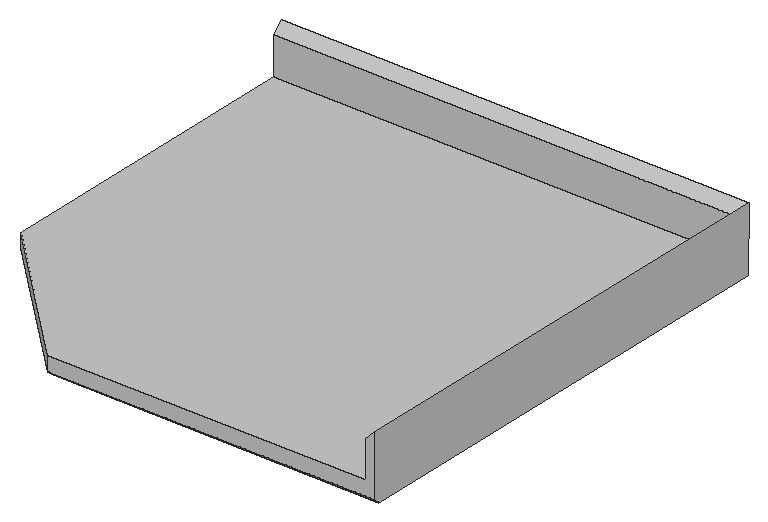
Revit family "QF_ELECTROLUXPROFESSIONAL_121800_TPLAA7A", category Attrezzature speciali, Revit 2020
Family settings
  Quota connettore circolare = Usa diametro
  Tipo di parte = Normale
  Basato su piano di lavoro = No
  Sempre verticale = Sì
  Taglio con vuoti quando caricato = No
  Condiviso = No
  Punto di calcolo locali = No
Parameters (values of type "Standard")
  Weight = 129.00 kg
  Watts = 0 W
  Volts = 0 V
  URL Manufacturer = "https://www.electroluxprofessional.com/"
  URL = "https://www.electroluxprofessional.com/"
  Steam Supply Size = 0 mm
  Steam Supply Minimum Pressure = 0.0 Pa
  Steam Supply Maximum Pressure = 0.0 Pa
  Steam Consumption per Hour = 0
  Refrigeration Suction Line Size = 0.0 mm
  Refrigeration Liquid Line Size = 0.0 mm
  Refrigerant Compressor Remote = yes
  Prospetto di default = 0.0 mm
  Phase = 0
  Modello = "TPLAA7A"
  Produttore = "Electrolux Professional"
  Length Actual = 1000.0 mm  # constant formula
  Item Number = "121800"
  Hot Water Size = 0 mm
  Height Actual = 140.0 mm  # constant formula
  HP = "0 HP"
  Gas Size = 0 mm
  Gas KW = 0
  Gas Input Pressure = 0 W
  Direct Waste Size = 0 mm
  Descrizione = "WORK TOP WITH UPSTAND CORNER TYPE"
  Depth Actual = 1000.0 mm  # constant formula
  Cycle = 0 Hz
  Condensate Return Size = 0 mm
  Compressed Air Volume = 0.0 L/s
  Compressed Air Size = 0 mm
  Compressed Air Pressure = 0.0 Pa
  Cold Water Size = 0 mm
  Accessory = yes
Reference planes
  plane 1 "Center (Front/Back)": y = 0
  plane 2: z = 0
  plane 3 "Center (Left/Right)": x = 0
  plane 4 "LEFT": x = -500
  plane 5 "RIGHT": x = 500
  plane 6 "BACK": y = 650
  plane 7 "FRONT": y = -350
  plane 8 "TOP": z = 1000
  plane 9: z = 900
  plane 10: z = 860
  plane 11: y = -50
  plane 12: x = -200
Forms (mm)
  Sweep 1, solid, material "QF_Finishes_Stainless Steel"
    path origin (0, 0, 1000) x (0, 1, 0) y (-1, 0, 0)
      loop
        line (650, 500) -> (650, -500) -> (-350, -500)
    profile origin (0, 650, 1000) x (0, 1, 0) y (0, 0, 1)
      loop
        line (-20, -20) -> (-20, -100) -> (0, -100) -> (0, 0) -> (-20, -20)
  Sweep 2, solid, material "QF_Finishes_Stainless Steel"
    path origin (0, 0, 1000) x (0, 1, 0) y (-1, 0, 0)
      loop
        line (-350, -500) -> (-350, 200) -> (-50, 500) -> (650, 500)
    profile origin (150, -350, 1000) x (0, -1, 0) y (0, 0, 1)
      loop
        line (-10, -140) -> (0, -130) -> (0, -100) -> (-10, -100) -> (-10, -140)
  Extrusion 3, solid, material "QF_Finishes_Stainless Steel"
    sketch origin (0, 0, 1000) x (0, 1, 0) y (-1, 0, 0)
      loop
        line (650, 490) -> (-45.858, 490) -> (-340, 195.858) -> (-340, -500) -> (650, -500) -> (650, 490)
    from -100 to -140
Cuts and joins
  joined: Sweep 1, Sweep 2, Extrusion 3
Lines and regions (mm)
  symbolic lines
    curve 1: line (500, 650, 1000) -> (-500, 650, 1000)
    curve 2: line (-500, 650, 1000) -> (-500, -50, 1000)
    curve 3: line (-200, -350, 1000) -> (500, -350, 1000)
    curve 4: line (500, -350, 1000) -> (500, 650, 1000)
    curve 5: line (-500, -50, 1000) -> (-200, -350, 1000)
    curve 6: line (480, 630, 1000) -> (480, -350, 1000)
    curve 7: line (-500, 630, 1000) -> (480, 630, 1000)
Dimensions and locks
  plane 4 "LEFT" to plane 5 "RIGHT" = 1000.0 mm
  equal spacing: plane 4 "LEFT", plane 3 "Center (Left/Right)", plane 5 "RIGHT"
  plane 6 "BACK" to plane 7 "FRONT" = 1000.0 mm
  plane 6 "BACK" to plane 1 "Center (Front/Back)" to plane 7 "FRONT" = 650.0 mm, 350.0 mm
  locked: plane 8 "TOP" to plane 9 at 100
  plane 10 to level = 860.0 mm
  plane 8 "TOP" to plane 10 = 140.0 mm
  plane 6 "BACK" to plane 11 = 700.0 mm
  plane 12 to plane 5 "RIGHT" = 700.0 mm
  aligned and locked: level to plane 2
  aligned and locked: curve 2 to plane 4 "LEFT"
Automatic sketch dimensions
  curve 3 to plane 7 "FRONT" = 0.0 mm
  curve 2 to plane 11 = 0.0 mm
  curve 4 to plane 6 "BACK" = 0.0 mm
  curve 3 to plane 12 = 0.0 mm
  curve 4 to plane 5 "RIGHT" = 0.0 mm
  Sweep 1 sketch curve to plane 7 "FRONT" = 0.0 mm
  Sweep 1 sketch curve to plane 5 "RIGHT" = 0.0 mm
  Sweep 1 sketch curve to plane 6 "BACK" = 0.0 mm
  Sweep 1 sketch curve to plane 4 "LEFT" = 0.0 mm
  Sweep 2 sketch curve to plane 7 "FRONT" = 0.0 mm
  Sweep 2 sketch curve to plane 4 "LEFT" = 0.0 mm
  Sweep 2 sketch curve to plane 11 = 0.0 mm
  Sweep 2 sketch curve to plane 6 "BACK" = 0.0 mm
  Sweep 2 sketch curve to plane 5 "RIGHT" = 0.0 mm
  Sweep 2 sketch curve to plane 12 = 0.0 mm
  Sweep 2 sketch curve to profile plane = 0.0 mm
  Sweep 2 sketch curve to plane 8 "TOP" = 130.0 mm
  Sweep 2 sketch curve to Sweep 2 sketch curve = 30.0 mm
  Sweep 2 sketch curve to Sweep 2 sketch curve = 10.0 mm  (x2)
  Sweep 1 sketch curve to plane 8 "TOP" = 0.0 mm
  Sweep 1 sketch curve to profile plane = 0.0 mm
  profile plane to Sweep 1 sketch curve = 20.0 mm
  Sweep 1 sketch curve to plane 8 "TOP" = 20.0 mm
  Sweep 1 sketch curve to Sweep 1 sketch curve = 80.0 mm
  Extrusion 3 sketch curve to plane 5 "RIGHT" = 0.0 mm
  Extrusion 3 sketch curve to plane 6 "BACK" = 0.0 mm
  plane 7 "FRONT" to Extrusion 3 sketch curve = 10.0 mm
  Extrusion 3 sketch curve to plane 12 = 4.142 mm
  plane 11 to Extrusion 3 sketch curve = 4.142 mm
  plane 4 "LEFT" to Extrusion 3 sketch curve = 10.0 mm
  curve 6 to plane 6 "BACK" = 20.0 mm
  curve 6 to plane 5 "RIGHT" = 20.0 mm
